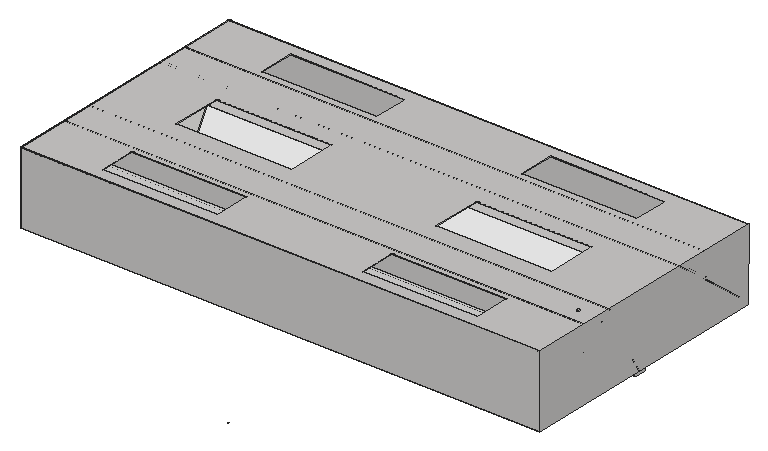
Revit family "QF_ELECTROLUXPROFESSIONAL_640041_STCF1836", category Attrezzature speciali, Revit 2021
Family settings
  Quota connettore circolare = Usa diametro
  Tipo di parte = Normale
  Basato su piano di lavoro = No
  Sempre verticale = Sì
  Taglio con vuoti quando caricato = No
  Condiviso = No
  Punto di calcolo locali = No
Parameters (values of type "Standard")
  Weight = 266.00 kg
  Watts = 640 W
  Volts = 220 V
  URL Manufacturer = "https://www.electroluxprofessional.com/"
  URL = "https://www.electroluxprofessional.com/"
  Steam Supply Size = 0 mm
  Steam Supply Minimum Pressure = 0.0 Pa
  Steam Supply Maximum Pressure = 0.0 Pa
  Steam Consumption per Hour = 0
  Refrigeration Suction Line Size = 0 mm
  Refrigeration Liquid Line Size = 0 mm
  Refrigerant Compressor Remote = yes
  Prospetto di default = 0 mm
  Produttore = "Electrolux Professional"
  Phase = 1
  Modello = "STCF1836"
  Length Actual = 3600 mm  # constant formula
  Item Number = "640041"
  Hot Water Size = 0 mm
  Height Actual = 500 mm  # constant formula
  HP = "0.9 HP"
  Gas Size = 0 mm
  Gas KW = 0
  Gas Input Pressure = 0 W
  Direct Waste Size = 0 mm
  Descrizione = "304 S/S ISLAND HOOD+FILT.+LAMPS 360X180"
  Depth Actual = 1800 mm  # constant formula
  Cycle = 50 Hz
  Condensate Return Size = 0 mm
  Compressed Air Volume = 0.0 L/s
  Compressed Air Size = 0 mm
  Compressed Air Pressure = 0.0 Pa
  Cold Water Size = 0 mm
  Accessory = yes
Reference planes
  plane 1: z = 0
  plane 2 "Center (Left/Right)": x = 150
  plane 3 "LEFT": x = -1650
  plane 4 "RIGHT": x = 1950
  plane 5 "BACK": y = 550
  plane 6 "TOP": z = 2500
  plane 7 "Base": z = 2000
  plane 8: z = 1955
  plane 9: x = -1647
  plane 10 "DrainX": x = 1830
  plane 11 "AOLeft2": x = -350
  plane 12 "AORight1": x = 650
  plane 13: x = 1947
  plane 14: x = -1450
  plane 15: x = 1750
  plane 16 "Center (Front/Back)": y = -350
  plane 17 "Front": y = -1250
  plane 18 "AOLeft1": x = -1150
  plane 19 "AORight2": x = 1450
  plane 20 "EI_y": y = -770
  plane 21 "EIx": x = 1830
  plane 22: y = 464
  plane 23: y = 214
  plane 24: y = -1164
  plane 25: y = -914
  plane 26: y = -175
  plane 27: y = -525
Forms (mm)
  Extrusion 1, solid, material "QF_Finishes_Stainless Steel"
    sketch origin (-1650, 0, 360) x (0, 1, 0) y (0, 0, 1)
      loop
        line (550, 1640) -> (550, 2140) -> (-1250, 2140) -> (-1250, 1640) -> (550, 1640)
    from 0 to 3
  Extrusion 2, solid, material "QF_Finishes_Stainless Steel"
    sketch origin (1950, 0, 360) x (0, 1, 0) y (0, 0, 1)
      loop
        line (550, 1640) -> (550, 2140) -> (-1250, 2140) -> (-1250, 1640) -> (550, 1640)
    from 0 to -3
  Extrusion 3, solid, material "QF_Finishes_Stainless Steel"
    sketch origin (150, 0, 360) x (0, 1, 0) y (0, 0, 1)
      loop
        line (-1250, 2140) -> (-1250, 1640) -> (-1240, 1640) -> (-1240, 1640.8) -> (-1249.2, 1640.8) -> (-1249.2, 2139.19) -> (549.2, 2139.19) -> (549.2, 1640.8) -> (540, 1640.8) -> (540, 1640) -> (550, 1640) -> (550, 2140) -> (-1250, 2140)
    from -1800 to 1800
  Extrusion 4, solid, material "QF_Finishes_Stainless Steel"
    sketch origin (0, -840, 2000) x (0, 1, 0) y (-1, 0, 0)
      loop
        circle (490, -1830) r 4.763
    from -30 to 0
  Extrusion 5, void
    sketch origin (0, 0, 2500) x (0, 1, 0) y (-1, 0, 0)
      loop
        line (-1164, 350) -> (-914, 350) -> (-914, 1150) -> (-1164, 1150) -> (-1164, 350)
    from 0 to -10
  Extrusion 6, solid, material "QF_Finishes_Stainless Steel"
    sketch origin (0, 0, 0) x (1, 0, 0) y (0, 1, 0)
      loop
        line (-1650, 550) -> (-1650, 549) -> (-1649, 549) -> (-1649, 550) -> (-1650, 550)
    from 0 to 1
  Sweep 7, solid, material "QF_Finishes_Stainless Steel"
    path origin (0, 0, 0) x (1, 0, 0) y (0, 1, 0)
      loop
        line (1950, 550) -> (-1650, 550) -> (-1650, -1250) -> (1950, -1250) -> (1950, 550)
    profile origin (1950, -350, 0) x (1, 0, 0) y (0, 0, 1)
      loop
        line (-3, 2000) -> (-3, 2000.8) -> (-19, 2000.8) -> (-19, 2010) -> (-20, 2010) -> (-20, 2000) -> (-3, 2000)
  Extrusion 8, solid, material "QF_Finishes_Stainless Steel"
    sketch origin (150, -826.94, 0) x (0, 1, 0) y (0, 0, 1)
      loop
        line (414.66, 2095.469) -> (440.643, 2110.471) -> (261.744, 2411.771) -> (235.948, 2396.455) -> (414.66, 2095.469)
    from -1797 to -1600
  Extrusion 9, void
    sketch origin (1134.605, 0, 2500) x (0, 1, 0) y (-1, 0, 0)
      loop
        line (-1164, -315.395) -> (-914, -315.395) -> (-914, 484.605) -> (-1164, 484.605) -> (-1164, -315.395)
    from 0 to -10
  Extrusion 10, solid, material "QF_Finishes_Stainless Steel"
    sketch origin (1830, -840, 0) x (0, 1, 0) y (0, 0, 1)
      loop
        line (539, 2000) -> (441, 2000) -> (441, 1989) -> (448.5, 1989) -> (448.5, 1965)
        arc (448.5, 1965) -> (451.429, 1957.929) -> (458.5, 1955) r 10
        line (458.5, 1955) -> (521.5, 1955)
        arc (521.5, 1955) -> (528.571, 1957.929) -> (531.5, 1965) r 10
        line (531.5, 1965) -> (531.5, 1989) -> (539, 1989) -> (539, 2000)
    from 90 to -90
  Extrusion 11, solid, material "QF_Finishes_Stainless Steel"
    sketch origin (150, -826.94, 0) x (0, 1, 0) y (0, 0, 1)
      loop
        line (414.66, 2095.469) -> (440.643, 2110.471) -> (261.744, 2411.771) -> (235.948, 2396.455) -> (414.66, 2095.469)
    from 1600 to 1797
  Extrusion 12, solid, material "QF_Finished_Chrome"
    sketch origin (150, -826.94, 0) x (0, 1, 0) y (0, 0, 1)
      loop
        line (414.66, 2095.469) -> (440.643, 2110.471) -> (261.744, 2411.771) -> (235.948, 2396.455) -> (414.66, 2095.469)
    from -1600 to 1600
  Extrusion 13, void
    sketch origin (0, 1180, 2500) x (0, 1, 0) y (-1, 0, 0)
      loop
        line (-1355, 350) -> (-1355, 1150) -> (-1705, 1150) -> (-1705, 350) -> (-1355, 350)
    from 0 to -10
  Extrusion 14, void
    sketch origin (1600, 1180, 2500) x (0, 1, 0) y (-1, 0, 0)
      loop
        line (-1355, 150) -> (-1355, 950) -> (-1705, 950) -> (-1705, 150) -> (-1355, 150)
    from 0 to -10
  Extrusion 15, solid, material "QF_Finishes_Stainless Steel"
    sketch origin (0, 0, 2500) x (0, 1, 0) y (-1, 0, 0)
      loop
        circle (-770, -1830) r 10
    from 0 to 1.6
  Extrusion 16, solid, material "QF_Finishes_Stainless Steel"
    sketch origin (150, -826.94, 360) x (0, 1, 0) y (0, 0, 1)
      loop
        line (430.005, 1640) -> (476.94, 1640) -> (476.94, 1640.8) -> (430.467, 1640.8) -> (371.906, 1742.23) -> (414.858, 1734.657) -> (442.266, 1750.481) -> (442.266, 1765.943) -> (441.466, 1765.943) -> (441.466, 1750.943) -> (414.709, 1735.495) -> (321.153, 1751.991) -> (320.875, 1750.416) -> (371.4, 1741.507) -> (430.005, 1640)
      loop
        line (172.529, 2139.19) -> (242.893, 2017.316) -> (245.133, 2018.715) -> (240.13, 2027.381) -> (238.569, 2026.405) -> (173.453, 2139.19) -> (172.529, 2139.19)
    from -1797 to 1797
  Extrusion 17, solid, material "QF_LAMPS"
    sketch origin (150, 0, 360) x (0, 1, 0) y (0, 0, 1)
      loop
        line (-872.823, 1962.324) -> (-718.948, 2086.929) -> (-727.129, 2097.032) -> (-881.003, 1972.426) -> (-872.823, 1962.324)
    from 1797 to -1797
  Extrusion 18, solid, material "QF_Finishes_Stainless Steel"
    sketch origin (150, 0, 360) x (0, 1, 0) y (0, 0, 1)
      loop
        line (-1250, 2139.19) -> (-1250, 1640) -> (-1186.602, 1640) -> (-1099.146, 1690.493) -> (-1110.058, 1709.394) -> (-1166.564, 1676.77) -> (-1214.704, 1680.982) -> (-1249.2, 1730.248) -> (-1249.2, 2139.19) -> (-1250, 2139.19)
      loop
        line (-873.6, 1961.694) -> (-881.937, 1971.99) -> (-869.095, 1982.182) -> (-869.095, 2139.19) -> (-869.895, 2139.19) -> (-869.895, 1982.569) -> (-1182.298, 1734.63) -> (-1171.091, 1720.79) -> (-873.6, 1961.694)
      loop
        line (-727.61, 2099.216) -> (-718.171, 2087.559) -> (-654.411, 2139.19) -> (-655.682, 2139.19) -> (-718.052, 2088.684) -> (-726.989, 2099.719) -> (-727.61, 2099.216)
    from -1797 to 1797
  Extrusion 19, solid, material "QF_Finishes_Stainless Steel"
    sketch origin (150, 126.94, 360) x (0, -1, 0) y (0, 0, -1)
      loop
        line (430.005, -1640) -> (371.4, -1741.507) -> (320.875, -1750.416) -> (321.153, -1751.991) -> (414.709, -1735.495) -> (441.466, -1750.943) -> (441.466, -1765.943) -> (442.266, -1765.943) -> (442.266, -1750.481) -> (414.858, -1734.657) -> (371.906, -1742.23) -> (430.467, -1640.8) -> (476.94, -1640.8) -> (476.94, -1640) -> (430.005, -1640)
      loop
        line (172.529, -2139.19) -> (173.453, -2139.19) -> (238.569, -2026.405) -> (240.13, -2027.381) -> (245.133, -2018.715) -> (242.893, -2017.316) -> (172.529, -2139.19)
    from -1797 to 1797
  Extrusion 20, solid, material "QF_LAMPS"
    sketch origin (150, -700, 360) x (0, -1, 0) y (0, 0, -1)
      loop
        line (-872.823, -1962.324) -> (-881.003, -1972.426) -> (-727.129, -2097.032) -> (-718.948, -2086.929) -> (-872.823, -1962.324)
    from 1797 to -1797
  Extrusion 21, solid, material "QF_Finishes_Stainless Steel"
    sketch origin (150, -700, 360) x (0, -1, 0) y (0, 0, -1)
      loop
        line (-1250, -2139.19) -> (-1249.2, -2139.19) -> (-1249.2, -1730.248) -> (-1214.704, -1680.982) -> (-1166.564, -1676.77) -> (-1110.058, -1709.394) -> (-1099.146, -1690.493) -> (-1186.602, -1640) -> (-1250, -1640) -> (-1250, -2139.19)
      loop
        line (-873.6, -1961.694) -> (-1171.091, -1720.79) -> (-1182.298, -1734.63) -> (-869.895, -1982.569) -> (-869.895, -2139.19) -> (-869.095, -2139.19) -> (-869.095, -1982.182) -> (-881.937, -1971.99) -> (-873.6, -1961.694)
      loop
        line (-727.61, -2099.216) -> (-726.989, -2099.719) -> (-718.052, -2088.684) -> (-655.682, -2139.19) -> (-654.411, -2139.19) -> (-718.171, -2087.559) -> (-727.61, -2099.216)
    from -1797 to 1797
  Extrusion 22, solid, material "QF_Finishes_Stainless Steel"
    sketch origin (150, 126.94, 0) x (0, -1, 0) y (0, 0, -1)
      loop
        line (414.66, -2095.469) -> (235.948, -2396.455) -> (261.744, -2411.771) -> (440.643, -2110.471) -> (414.66, -2095.469)
    from -1797 to -1400
  Extrusion 23, solid, material "QF_Finishes_Stainless Steel"
    sketch origin (150, 126.94, 0) x (0, -1, 0) y (0, 0, -1)
      loop
        line (414.66, -2095.469) -> (235.948, -2396.455) -> (261.744, -2411.771) -> (440.643, -2110.471) -> (414.66, -2095.469)
    from 1400 to 1797
  Extrusion 24, solid, material "QF_Finished_Chrome"
    sketch origin (150, 126.94, 0) x (0, -1, 0) y (0, 0, -1)
      loop
        line (414.66, -2095.469) -> (235.948, -2396.455) -> (261.744, -2411.771) -> (440.643, -2110.471) -> (414.66, -2095.469)
    from -1600 to 1600
  Extrusion 25, void
    sketch origin (0, 814, 2500) x (0, 1, 0) y (-1, 0, 0)
      loop
        line (-600, 350) -> (-350, 350) -> (-350, 1150) -> (-600, 1150) -> (-600, 350)
    from 0 to -10
  Extrusion 26, void
    sketch origin (1134.605, 814, 2500) x (0, 1, 0) y (-1, 0, 0)
      loop
        line (-600, -315.395) -> (-350, -315.395) -> (-350, 484.605) -> (-600, 484.605) -> (-600, -315.395)
    from 0 to -10
  Extrusion 27, solid, material "QF_Finishes_Stainless Steel"
    sketch origin (150, 126.94, 0) x (0, -1, 0) y (0, 0, -1)
      loop
        line (414.66, -2095.469) -> (235.948, -2396.455) -> (261.744, -2411.771) -> (440.643, -2110.471) -> (414.66, -2095.469)
    from -1797 to -1600
  Extrusion 28, solid, material "QF_Finishes_Stainless Steel"
    sketch origin (150, 126.94, 0) x (0, -1, 0) y (0, 0, -1)
      loop
        line (414.66, -2095.469) -> (235.948, -2396.455) -> (261.744, -2411.771) -> (440.643, -2110.471) -> (414.66, -2095.469)
    from 1797 to 1600
Cuts and joins
  Extrusion 5, Extrusion 9, Extrusion 13, Extrusion 14, Extrusion 25, Extrusion 26 cuts Extrusion 3
  joined: Extrusion 2, Extrusion 3, Sweep 7
Lines and regions (mm)
  symbolic lines, style "SpecialityEquipment", detail levels coarse
    curve 1: line (1950, 550, 2500) -> (-1650, 550, 2500)
    curve 2: line (-1650, 550, 2500) -> (-1650, -1250, 2500)
    curve 3: line (1950, -1250, 2500) -> (1950, 550, 2500)
    curve 4: line (-1650, 550, 0) -> (1950, -1250, 0)
    curve 5: line (1950, 550, 0) -> (-1650, -1250, 0)
    curve 6: line (-1650, -1250, 0) -> (1950, -1250, 0)
  symbolic lines, detail levels coarse
    curve 7: line (-1150, 464, 2500) -> (-350, 464, 2500)
    curve 8: line (-1150, 214, 2500) -> (-1150, 464, 2500)
    curve 9: line (-350, 214, 2500) -> (-1150, 214, 2500)
    curve 10: line (-350, 464, 2500) -> (-350, 214, 2500)
    curve 11: line (650, 464, 2500) -> (1450, 464, 2500)
    curve 12: line (650, 214, 2500) -> (650, 464, 2500)
    curve 13: line (1450, 214, 2500) -> (650, 214, 2500)
    curve 14: line (1450, 464, 2500) -> (1450, 214, 2500)
    curve 15: line (650, -175, 2500) -> (1450, -175, 2500)
    curve 16: line (650, -525, 2500) -> (650, -175, 2500)
    curve 17: line (1450, -525, 2500) -> (650, -525, 2500)
    curve 18: line (1450, -175, 2500) -> (1450, -525, 2500)
    curve 19: line (650, -914, 2500) -> (1450, -914, 2500)
    curve 20: line (650, -1164, 2500) -> (650, -914, 2500)
    curve 21: line (1450, -1164, 2500) -> (650, -1164, 2500)
    curve 22: line (1450, -914, 2500) -> (1450, -1164, 2500)
    curve 23: line (-1150, -914, 2500) -> (-350, -914, 2500)
    curve 24: line (-1150, -1164, 2500) -> (-1150, -914, 2500)
    curve 25: line (-350, -1164, 2500) -> (-1150, -1164, 2500)
    curve 26: line (-350, -914, 2500) -> (-350, -1164, 2500)
    curve 27: line (-1150, -175, 2500) -> (-350, -175, 2500)
    curve 28: line (-1150, -525, 2500) -> (-1150, -175, 2500)
    curve 29: line (-350, -525, 2500) -> (-1150, -525, 2500)
    curve 30: line (-350, -175, 2500) -> (-350, -525, 2500)
Dimensions and locks
  plane 3 "LEFT" to plane 4 "RIGHT" = 3600 mm
  equal spacing: plane 3 "LEFT", plane 2 "Center (Left/Right)", plane 4 "RIGHT"
  plane 7 "Base" to plane 8 = 45 mm
  plane 3 "LEFT" to plane 9 = 3 mm
  plane 10 "DrainX" to plane 4 "RIGHT" = 120 mm
  plane 13 to plane 4 "RIGHT" = 3 mm
  plane 3 "LEFT" to plane 14 = 200 mm
  plane 15 to plane 4 "RIGHT" = 200 mm
  locked: plane 11 "AOLeft2" to plane 12 "AORight1" at 1000
  equal spacing: plane 11 "AOLeft2", plane 2 "Center (Left/Right)", plane 12 "AORight1"
  locked: plane 7 "Base" to level at 2000
  locked: plane 6 "TOP" to plane 7 "Base" at 500
  equal spacing: plane 5 "BACK", plane 16 "Center (Front/Back)", plane 17 "Front"
  locked: plane 18 "AOLeft1" to plane 11 "AOLeft2" at 800
  locked: plane 12 "AORight1" to plane 19 "AORight2" at 800
  locked: plane 20 "EI_y" to plane 17 "Front" at 480
  locked: plane 21 "EIx" to plane 4 "RIGHT" at 120
  locked: plane 5 "BACK" to plane 22 at 86
  plane 22 to plane 23 = 250 mm
  locked: plane 24 to plane 17 "Front" at 86
  locked: plane 24 to plane 25 at 250
  plane 26 to plane 16 "Center (Front/Back)" = 175 mm
  plane 16 "Center (Front/Back)" to plane 27 = 175 mm
  locked: plane 5 "BACK" to plane 17 "Front" at 1800
  plane 5 "BACK" to plane 17 "Front" = 1800 mm
  plane 26 to plane 27 = 350 mm
  aligned and locked: level to plane 1
  aligned and locked: plane 4 "RIGHT" to Extrusion 3
  aligned and locked: Extrusion 3 to plane 3 "LEFT"
  aligned and locked: Extrusion 2 to plane 13
  aligned and locked: Extrusion 8 to plane 9
  aligned and locked: plane 18 "AOLeft1" to Extrusion 5
  aligned and locked: Extrusion 5 to plane 11 "AOLeft2"
  aligned and locked: Extrusion 9 to plane 19 "AORight2"
  aligned and locked: plane 12 "AORight1" to Extrusion 9
  aligned and locked: plane 14 to Extrusion 8
  aligned and locked: plane 15 to Extrusion 11
  aligned and locked: plane 13 to Extrusion 11
  aligned and locked: Extrusion 12 to plane 14
  aligned and locked: Extrusion 12 to plane 15
  aligned and locked: plane 12 "AORight1" to Extrusion 14
  aligned and locked: plane 19 "AORight2" to Extrusion 14
  aligned and locked: Extrusion 13 to plane 18 "AOLeft1"
  aligned and locked: Extrusion 13 to plane 11 "AOLeft2"
  aligned and locked: Extrusion 16 to plane 9
  aligned and locked: plane 13 to Extrusion 16
  aligned and locked: Extrusion 24 to plane 14
  aligned and locked: Extrusion 24 to plane 15
  aligned and locked: plane 24 to Extrusion 5
  aligned and locked: Extrusion 5 to plane 25
  aligned and locked: Extrusion 9 to plane 25
  aligned and locked: plane 24 to Extrusion 9
  aligned and locked: Extrusion 25 to plane 18 "AOLeft1"
  aligned and locked: Extrusion 25 to plane 11 "AOLeft2"
  aligned and locked: plane 12 "AORight1" to Extrusion 26
  aligned and locked: plane 19 "AORight2" to Extrusion 26
  aligned and locked: plane 26 to Extrusion 13
  aligned and locked: Extrusion 13 to plane 27
  aligned and locked: plane 26 to Extrusion 14
  aligned and locked: Extrusion 14 to plane 27
  aligned and locked: plane 22 to Extrusion 25
  aligned and locked: Extrusion 25 to plane 23
  aligned and locked: plane 22 to Extrusion 26
  aligned and locked: Extrusion 26 to plane 23
  aligned and locked: Extrusion 21 to plane 9
  aligned and locked: Extrusion 20 to plane 9
  aligned and locked: Extrusion 19 to plane 9
  aligned and locked: plane 9 to Extrusion 22
  aligned and locked: Extrusion 18 to plane 9
  aligned and locked: Extrusion 17 to plane 9
  aligned and locked: plane 13 to Extrusion 21
  aligned and locked: plane 13 to Extrusion 20
  aligned and locked: plane 13 to Extrusion 19
  aligned and locked: Extrusion 23 to plane 13
  aligned and locked: plane 13 to Extrusion 17
  aligned and locked: Extrusion 18 to plane 13
  aligned and locked: plane 14 to Extrusion 27
  aligned and locked: Extrusion 27 to plane 9
  aligned and locked: Extrusion 28 to plane 13
  aligned and locked: plane 15 to Extrusion 28
Automatic sketch dimensions
  curve 6 to plane 3 "LEFT" = 0 mm
  curve 4 to plane 3 "LEFT" = 0 mm
  curve 5 to plane 4 "RIGHT" = 0 mm
  curve 6 to plane 4 "RIGHT" = 0 mm
  curve 4 to plane 17 "Front" = 0 mm
  curve 5 to plane 5 "BACK" = 0 mm
  curve 4 to plane 5 "BACK" = 0 mm
  Extrusion 1 sketch curve to plane 7 "Base" = 0 mm
  Extrusion 1 sketch curve to plane 17 "Front" = 0 mm
  Extrusion 1 sketch curve to plane 5 "BACK" = 0 mm
  Extrusion 1 sketch curve to plane 6 "TOP" = 0 mm
  Extrusion 2 sketch curve to plane 7 "Base" = 0 mm
  Extrusion 2 sketch curve to plane 17 "Front" = 0 mm
  Extrusion 2 sketch curve to plane 5 "BACK" = 0 mm
  Extrusion 2 sketch curve to plane 6 "TOP" = 0 mm
  Extrusion 3 sketch curve to plane 6 "TOP" = 0 mm
  Extrusion 3 sketch curve to plane 17 "Front" = 0 mm
  Extrusion 3 sketch curve to plane 7 "Base" = 0 mm  (x2)
  Extrusion 3 sketch curve to plane 5 "BACK" = 0 mm
  plane 17 "Front" to Extrusion 3 sketch curve = 0.8 mm
  Extrusion 3 sketch curve to Extrusion 3 sketch curve = 9.2 mm
  plane 7 "Base" to Extrusion 3 sketch curve = 0.8 mm  (x2)
  Extrusion 3 sketch curve to plane 5 "BACK" = 10 mm
  Extrusion 3 sketch curve to plane 5 "BACK" = 0.8 mm
  Extrusion 3 sketch curve to plane 6 "TOP" = 0.81 mm
  Extrusion 4 sketch curve to plane 10 "DrainX" = 0 mm
  Extrusion 4 sketch curve to plane 16 "Center (Front/Back)" = 0 mm
  Extrusion 5 sketch curve to plane 18 "AOLeft1" = 0 mm
  plane 24 to Extrusion 5 sketch curve = 0 mm
  Extrusion 5 sketch curve to plane 11 "AOLeft2" = 0 mm
  plane 25 to Extrusion 5 sketch curve = 0 mm
  Extrusion 6 sketch curve to plane 3 "LEFT" = 0 mm
  Extrusion 6 sketch curve to plane 5 "BACK" = 0 mm
  plane 3 "LEFT" to Extrusion 6 sketch curve = 1 mm
  Extrusion 6 sketch curve to Extrusion 6 sketch curve = 1 mm
  Sweep 7 sketch curve to plane 3 "LEFT" = 0 mm
  Sweep 7 sketch curve to plane 4 "RIGHT" = 0 mm
  Sweep 7 sketch curve to plane 17 "Front" = 0 mm
  Sweep 7 sketch curve to plane 5 "BACK" = 0 mm
  profile plane to Sweep 7 sketch curve = 20 mm
  Sweep 7 sketch curve to Sweep 7 sketch curve = 1 mm
  profile plane to Sweep 7 sketch curve = 3 mm
  level to Sweep 7 sketch curve = 2000 mm
  Sweep 7 sketch curve to Sweep 7 sketch curve = 0.8 mm
  Sweep 7 sketch curve to Sweep 7 sketch curve = 9.2 mm
  Extrusion 8 sketch curve to plane 27 = 65.992 mm
  Extrusion 8 sketch curve to Extrusion 8 sketch curve = 25.795 mm
  Extrusion 8 sketch curve to plane 16 "Center (Front/Back)" = 62.28 mm
  Extrusion 8 sketch curve to Extrusion 8 sketch curve = 25.983 mm
  plane 7 "Base" to Extrusion 8 sketch curve = 95.469 mm
  Extrusion 8 sketch curve to Extrusion 8 sketch curve = 15.001 mm
  Extrusion 8 sketch curve to plane 6 "TOP" = 103.545 mm
  Extrusion 8 sketch curve to Extrusion 8 sketch curve = 15.316 mm
  Extrusion 9 sketch curve to plane 12 "AORight1" = 0 mm
  plane 24 to Extrusion 9 sketch curve = 0 mm
  Extrusion 9 sketch curve to plane 19 "AORight2" = 0 mm
  plane 25 to Extrusion 9 sketch curve = 0 mm
  Extrusion 10 sketch curve to plane 8 = 0 mm
  Extrusion 10 sketch curve to plane 7 "Base" = 11 mm  (x2)
  Extrusion 10 sketch curve to plane 16 "Center (Front/Back)" = 49 mm
  Extrusion 10 sketch curve to Extrusion 10 sketch curve = 7.5 mm  (x2)
  Extrusion 10 sketch curve to Extrusion 10 sketch curve = 10 mm  (x2)
  plane 16 "Center (Front/Back)" to Extrusion 10 sketch curve = 31.5 mm
  plane 7 "Base" to Extrusion 10 sketch curve = 0 mm
  Extrusion 11 sketch curve to plane 27 = 65.992 mm
  Extrusion 11 sketch curve to Extrusion 11 sketch curve = 25.795 mm
  Extrusion 11 sketch curve to plane 16 "Center (Front/Back)" = 62.28 mm
  Extrusion 11 sketch curve to Extrusion 11 sketch curve = 25.983 mm
  plane 7 "Base" to Extrusion 11 sketch curve = 95.469 mm
  Extrusion 11 sketch curve to Extrusion 11 sketch curve = 15.001 mm
  Extrusion 11 sketch curve to plane 6 "TOP" = 103.545 mm
  Extrusion 11 sketch curve to Extrusion 11 sketch curve = 15.316 mm
  Extrusion 12 sketch curve to plane 27 = 65.992 mm
  Extrusion 12 sketch curve to Extrusion 12 sketch curve = 25.795 mm
  Extrusion 12 sketch curve to plane 16 "Center (Front/Back)" = 62.28 mm
  Extrusion 12 sketch curve to Extrusion 12 sketch curve = 25.983 mm
  plane 7 "Base" to Extrusion 12 sketch curve = 95.469 mm
  Extrusion 12 sketch curve to Extrusion 12 sketch curve = 15.001 mm
  Extrusion 12 sketch curve to plane 6 "TOP" = 103.545 mm
  Extrusion 12 sketch curve to Extrusion 12 sketch curve = 15.316 mm
  Extrusion 13 sketch curve to plane 11 "AOLeft2" = 0 mm
  Extrusion 13 sketch curve to plane 27 = 0 mm
  Extrusion 13 sketch curve to plane 26 = 0 mm
  Extrusion 13 sketch curve to plane 18 "AOLeft1" = 0 mm
  Extrusion 14 sketch curve to plane 19 "AORight2" = 0 mm
  Extrusion 14 sketch curve to plane 27 = 0 mm
  Extrusion 14 sketch curve to plane 26 = 0 mm
  Extrusion 14 sketch curve to plane 12 "AORight1" = 0 mm
  Extrusion 15 sketch curve to plane 20 "EI_y" = 0 mm
  Extrusion 15 sketch curve to plane 21 "EIx" = 0 mm
  Extrusion 16 sketch curve to plane 7 "Base" = 0 mm
  Extrusion 16 sketch curve to plane 6 "TOP" = 0.81 mm
  plane 20 "EI_y" to Extrusion 16 sketch curve = 115.589 mm
  Extrusion 16 sketch curve to Extrusion 16 sketch curve = 0.924 mm
  Extrusion 16 sketch curve to plane 27 = 63.371 mm
  Extrusion 16 sketch curve to Extrusion 16 sketch curve = 1.561 mm
  Extrusion 16 sketch curve to Extrusion 16 sketch curve = 4.324 mm
  Extrusion 16 sketch curve to Extrusion 16 sketch curve = 2.24 mm
  plane 27 to Extrusion 16 sketch curve = 18.935 mm
  Extrusion 16 sketch curve to Extrusion 16 sketch curve = 0.278 mm
  Extrusion 16 sketch curve to Extrusion 16 sketch curve = 50.525 mm
  Extrusion 16 sketch curve to Extrusion 16 sketch curve = 0.506 mm
  Extrusion 16 sketch curve to Extrusion 16 sketch curve = 42.803 mm
  Extrusion 16 sketch curve to Extrusion 16 sketch curve = 0.148 mm
  Extrusion 16 sketch curve to plane 16 "Center (Front/Back)" = 46.935 mm
  plane 7 "Base" to Extrusion 16 sketch curve = 0.8 mm
  Extrusion 16 sketch curve to Extrusion 16 sketch curve = 0.462 mm  (x2)
  Extrusion 16 sketch curve to Extrusion 16 sketch curve = 46.473 mm
  Extrusion 16 sketch curve to plane 16 "Center (Front/Back)" = 35.474 mm
  Extrusion 16 sketch curve to Extrusion 16 sketch curve = 0.8 mm
  plane 7 "Base" to Extrusion 16 sketch curve = 94.657 mm
  Extrusion 16 sketch curve to Extrusion 16 sketch curve = 0.838 mm
  Extrusion 16 sketch curve to Extrusion 16 sketch curve = 6.012 mm
  Extrusion 16 sketch curve to Extrusion 16 sketch curve = 0.723 mm
  Extrusion 16 sketch curve to Extrusion 16 sketch curve = 14.986 mm
  Extrusion 16 sketch curve to Extrusion 16 sketch curve = 15 mm
  Extrusion 16 sketch curve to plane 6 "TOP" = 122.684 mm
  Extrusion 16 sketch curve to Extrusion 16 sketch curve = 1.399 mm
  Extrusion 16 sketch curve to Extrusion 16 sketch curve = 9.089 mm
  Extrusion 16 sketch curve to Extrusion 16 sketch curve = 0.975 mm
  Extrusion 17 sketch curve to plane 25 = 32.997 mm
  Extrusion 17 sketch curve to Extrusion 17 sketch curve = 8.181 mm  (x2)
  plane 20 "EI_y" to Extrusion 17 sketch curve = 42.871 mm
  Extrusion 17 sketch curve to plane 6 "TOP" = 177.676 mm
  Extrusion 17 sketch curve to Extrusion 17 sketch curve = 10.102 mm
  Extrusion 17 sketch curve to plane 6 "TOP" = 53.071 mm
  Extrusion 17 sketch curve to Extrusion 17 sketch curve = 10.103 mm
  Extrusion 18 sketch curve to plane 7 "Base" = 0 mm
  Extrusion 18 sketch curve to plane 17 "Front" = 0 mm
  Extrusion 18 sketch curve to Extrusion 18 sketch curve = 0.8 mm  (x2)
  plane 17 "Front" to Extrusion 18 sketch curve = 35.296 mm
  plane 24 to Extrusion 18 sketch curve = 22.602 mm
  plane 24 to Extrusion 18 sketch curve = 18.298 mm
  plane 24 to Extrusion 18 sketch curve = 7.091 mm
  plane 24 to Extrusion 18 sketch curve = 2.564 mm
  Extrusion 18 sketch curve to plane 24 = 53.942 mm
  Extrusion 18 sketch curve to Extrusion 18 sketch curve = 10.912 mm
  Extrusion 18 sketch curve to plane 25 = 32.063 mm
  Extrusion 18 sketch curve to Extrusion 18 sketch curve = 8.337 mm
  Extrusion 18 sketch curve to Extrusion 18 sketch curve = 12.042 mm
  plane 20 "EI_y" to Extrusion 18 sketch curve = 42.39 mm
  Extrusion 18 sketch curve to Extrusion 18 sketch curve = 0.622 mm
  Extrusion 18 sketch curve to Extrusion 18 sketch curve = 9.44 mm
  Extrusion 18 sketch curve to Extrusion 18 sketch curve = 0.118 mm
  Extrusion 18 sketch curve to plane 6 "TOP" = 0.81 mm  (x3)
  Extrusion 18 sketch curve to Extrusion 18 sketch curve = 62.37 mm
  Extrusion 18 sketch curve to Extrusion 18 sketch curve = 1.271 mm
  plane 7 "Base" to Extrusion 18 sketch curve = 36.77 mm
  plane 7 "Base" to Extrusion 18 sketch curve = 40.982 mm
  plane 7 "Base" to Extrusion 18 sketch curve = 50.493 mm
  Extrusion 18 sketch curve to Extrusion 18 sketch curve = 18.901 mm
  Extrusion 18 sketch curve to Extrusion 18 sketch curve = 44.02 mm
  Extrusion 18 sketch curve to Extrusion 18 sketch curve = 49.266 mm
  Extrusion 18 sketch curve to Extrusion 18 sketch curve = 13.84 mm
  Extrusion 18 sketch curve to plane 6 "TOP" = 178.306 mm
  Extrusion 18 sketch curve to Extrusion 18 sketch curve = 10.296 mm
  Extrusion 18 sketch curve to Extrusion 18 sketch curve = 10.192 mm
  Extrusion 18 sketch curve to Extrusion 18 sketch curve = 0.386 mm
  Extrusion 18 sketch curve to plane 6 "TOP" = 52.441 mm
  Extrusion 18 sketch curve to Extrusion 18 sketch curve = 1.125 mm
  Extrusion 19 sketch curve to plane 7 "Base" = 0 mm
  plane 6 "TOP" to Extrusion 19 sketch curve = 0.81 mm
  Extrusion 19 sketch curve to plane 26 = 129.411 mm
  Extrusion 19 sketch curve to Extrusion 19 sketch curve = 0.924 mm
  Extrusion 19 sketch curve to plane 26 = 63.371 mm
  Extrusion 19 sketch curve to Extrusion 19 sketch curve = 1.561 mm
  Extrusion 19 sketch curve to Extrusion 19 sketch curve = 4.324 mm
  Extrusion 19 sketch curve to Extrusion 19 sketch curve = 2.24 mm
  plane 26 to Extrusion 19 sketch curve = 18.935 mm
  Extrusion 19 sketch curve to Extrusion 19 sketch curve = 0.278 mm
  Extrusion 19 sketch curve to Extrusion 19 sketch curve = 50.525 mm
  Extrusion 19 sketch curve to Extrusion 19 sketch curve = 0.506 mm
  Extrusion 19 sketch curve to Extrusion 19 sketch curve = 42.803 mm
  Extrusion 19 sketch curve to Extrusion 19 sketch curve = 0.148 mm
  Extrusion 19 sketch curve to plane 16 "Center (Front/Back)" = 46.935 mm
  Extrusion 19 sketch curve to plane 7 "Base" = 0.8 mm
  Extrusion 19 sketch curve to Extrusion 19 sketch curve = 0.462 mm  (x2)
  Extrusion 19 sketch curve to Extrusion 19 sketch curve = 46.473 mm
  Extrusion 19 sketch curve to plane 16 "Center (Front/Back)" = 35.474 mm
  Extrusion 19 sketch curve to Extrusion 19 sketch curve = 0.8 mm
  Extrusion 19 sketch curve to plane 7 "Base" = 94.657 mm
  Extrusion 19 sketch curve to Extrusion 19 sketch curve = 0.838 mm
  Extrusion 19 sketch curve to Extrusion 19 sketch curve = 6.012 mm
  Extrusion 19 sketch curve to Extrusion 19 sketch curve = 0.723 mm
  Extrusion 19 sketch curve to Extrusion 19 sketch curve = 14.986 mm
  Extrusion 19 sketch curve to Extrusion 19 sketch curve = 15 mm
  plane 6 "TOP" to Extrusion 19 sketch curve = 122.684 mm
  Extrusion 19 sketch curve to Extrusion 19 sketch curve = 1.399 mm
  Extrusion 19 sketch curve to Extrusion 19 sketch curve = 9.089 mm
  Extrusion 19 sketch curve to Extrusion 19 sketch curve = 0.975 mm
  plane 23 to Extrusion 20 sketch curve = 32.997 mm
  Extrusion 20 sketch curve to Extrusion 20 sketch curve = 8.181 mm  (x2)
  plane 6 "TOP" to Extrusion 20 sketch curve = 42.968 mm
  plane 23 to Extrusion 20 sketch curve = 186.871 mm
  plane 6 "TOP" to Extrusion 20 sketch curve = 53.071 mm
  plane 6 "TOP" to Extrusion 20 sketch curve = 167.574 mm
  Extrusion 20 sketch curve to Extrusion 20 sketch curve = 10.102 mm
  Extrusion 21 sketch curve to plane 5 "BACK" = 0 mm
  Extrusion 21 sketch curve to plane 7 "Base" = 0 mm
  Extrusion 21 sketch curve to Extrusion 21 sketch curve = 0.8 mm  (x2)
  plane 5 "BACK" to Extrusion 21 sketch curve = 35.296 mm
  Extrusion 21 sketch curve to plane 22 = 22.602 mm
  Extrusion 21 sketch curve to plane 22 = 18.298 mm
  Extrusion 21 sketch curve to plane 22 = 7.091 mm
  Extrusion 21 sketch curve to plane 22 = 2.564 mm
  plane 22 to Extrusion 21 sketch curve = 53.942 mm
  Extrusion 21 sketch curve to Extrusion 21 sketch curve = 10.912 mm
  plane 23 to Extrusion 21 sketch curve = 32.063 mm
  Extrusion 21 sketch curve to Extrusion 21 sketch curve = 8.337 mm
  Extrusion 21 sketch curve to Extrusion 21 sketch curve = 12.042 mm
  plane 6 "TOP" to Extrusion 21 sketch curve = 40.784 mm
  Extrusion 21 sketch curve to Extrusion 21 sketch curve = 141.485 mm
  plane 6 "TOP" to Extrusion 21 sketch curve = 40.281 mm
  Extrusion 21 sketch curve to Extrusion 21 sketch curve = 0.622 mm
  plane 6 "TOP" to Extrusion 21 sketch curve = 52.441 mm
  plane 6 "TOP" to Extrusion 21 sketch curve = 51.316 mm
  plane 6 "TOP" to Extrusion 21 sketch curve = 0.81 mm  (x3)
  Extrusion 21 sketch curve to Extrusion 21 sketch curve = 62.37 mm
  Extrusion 21 sketch curve to Extrusion 21 sketch curve = 1.271 mm
  Extrusion 21 sketch curve to plane 7 "Base" = 36.77 mm
  Extrusion 21 sketch curve to plane 7 "Base" = 40.982 mm
  Extrusion 21 sketch curve to plane 7 "Base" = 50.493 mm
  Extrusion 21 sketch curve to Extrusion 21 sketch curve = 18.901 mm
  Extrusion 21 sketch curve to Extrusion 21 sketch curve = 44.02 mm
  Extrusion 21 sketch curve to Extrusion 21 sketch curve = 49.266 mm
  Extrusion 21 sketch curve to Extrusion 21 sketch curve = 13.84 mm
  plane 6 "TOP" to Extrusion 21 sketch curve = 178.306 mm
  Extrusion 21 sketch curve to Extrusion 21 sketch curve = 10.296 mm
  Extrusion 21 sketch curve to Extrusion 21 sketch curve = 10.192 mm
  Extrusion 21 sketch curve to Extrusion 21 sketch curve = 0.386 mm
  Extrusion 22 sketch curve to plane 26 = 65.992 mm
  Extrusion 22 sketch curve to Extrusion 22 sketch curve = 25.795 mm
  Extrusion 22 sketch curve to plane 16 "Center (Front/Back)" = 62.28 mm
  Extrusion 22 sketch curve to Extrusion 22 sketch curve = 25.983 mm
  Extrusion 22 sketch curve to plane 7 "Base" = 95.469 mm
  Extrusion 22 sketch curve to Extrusion 22 sketch curve = 15.001 mm
  plane 6 "TOP" to Extrusion 22 sketch curve = 103.545 mm
  Extrusion 22 sketch curve to Extrusion 22 sketch curve = 15.316 mm
  Extrusion 23 sketch curve to plane 26 = 65.992 mm
  Extrusion 23 sketch curve to Extrusion 23 sketch curve = 25.795 mm
  Extrusion 23 sketch curve to plane 16 "Center (Front/Back)" = 62.28 mm
  Extrusion 23 sketch curve to Extrusion 23 sketch curve = 25.983 mm
  Extrusion 23 sketch curve to plane 7 "Base" = 95.469 mm
  Extrusion 23 sketch curve to Extrusion 23 sketch curve = 15.001 mm
  plane 6 "TOP" to Extrusion 23 sketch curve = 103.545 mm
  Extrusion 23 sketch curve to Extrusion 23 sketch curve = 15.316 mm
  Extrusion 24 sketch curve to plane 26 = 65.992 mm
  Extrusion 24 sketch curve to Extrusion 24 sketch curve = 25.795 mm
  Extrusion 24 sketch curve to plane 16 "Center (Front/Back)" = 62.28 mm
  Extrusion 24 sketch curve to Extrusion 24 sketch curve = 25.983 mm
  Extrusion 24 sketch curve to plane 7 "Base" = 95.469 mm
  Extrusion 24 sketch curve to Extrusion 24 sketch curve = 15.001 mm
  plane 6 "TOP" to Extrusion 24 sketch curve = 103.545 mm
  Extrusion 24 sketch curve to Extrusion 24 sketch curve = 15.316 mm
  Extrusion 25 sketch curve to plane 18 "AOLeft1" = 0 mm
  Extrusion 25 sketch curve to plane 23 = 0 mm
  Extrusion 25 sketch curve to plane 11 "AOLeft2" = 0 mm
  Extrusion 25 sketch curve to plane 22 = 0 mm
  Extrusion 26 sketch curve to plane 12 "AORight1" = 0 mm
  Extrusion 26 sketch curve to plane 23 = 0 mm
  Extrusion 26 sketch curve to plane 19 "AORight2" = 0 mm
  Extrusion 26 sketch curve to plane 22 = 0 mm
  Extrusion 27 sketch curve to plane 26 = 65.992 mm
  Extrusion 27 sketch curve to Extrusion 27 sketch curve = 25.795 mm
  Extrusion 27 sketch curve to plane 16 "Center (Front/Back)" = 62.28 mm
  Extrusion 27 sketch curve to Extrusion 27 sketch curve = 25.983 mm
  Extrusion 27 sketch curve to plane 7 "Base" = 95.469 mm
  Extrusion 27 sketch curve to Extrusion 27 sketch curve = 15.001 mm
  plane 6 "TOP" to Extrusion 27 sketch curve = 103.545 mm
  Extrusion 27 sketch curve to Extrusion 27 sketch curve = 15.316 mm
  Extrusion 28 sketch curve to plane 26 = 65.992 mm
  Extrusion 28 sketch curve to Extrusion 28 sketch curve = 25.795 mm
  Extrusion 28 sketch curve to plane 16 "Center (Front/Back)" = 62.28 mm
  Extrusion 28 sketch curve to Extrusion 28 sketch curve = 25.983 mm
  Extrusion 28 sketch curve to plane 7 "Base" = 95.469 mm
  Extrusion 28 sketch curve to Extrusion 28 sketch curve = 15.001 mm
  plane 6 "TOP" to Extrusion 28 sketch curve = 103.545 mm
  Extrusion 28 sketch curve to Extrusion 28 sketch curve = 15.316 mm
  curve 2 to plane 3 "LEFT" = 0 mm
  curve 2 to plane 17 "Front" = 0 mm
  curve 3 to plane 4 "RIGHT" = 0 mm
  curve 3 to plane 17 "Front" = 0 mm
  curve 20 to plane 12 "AORight1" = 0 mm
  plane 24 to curve 20 = 0 mm
  curve 24 to plane 18 "AOLeft1" = 0 mm
  plane 24 to curve 24 = 0 mm
  plane 25 to curve 24 = 0 mm
  plane 25 to curve 19 = 0 mm
  curve 29 to plane 11 "AOLeft2" = 0 mm
  curve 29 to plane 27 = 0 mm
  curve 17 to plane 12 "AORight1" = 0 mm
  curve 17 to plane 27 = 0 mm
  curve 16 to plane 26 = 0 mm
  curve 27 to plane 26 = 0 mm
  curve 12 to plane 12 "AORight1" = 0 mm
  curve 12 to plane 23 = 0 mm
  curve 10 to plane 11 "AOLeft2" = 0 mm
  curve 10 to plane 23 = 0 mm
  curve 8 to plane 18 "AOLeft1" = 0 mm
  curve 8 to plane 22 = 0 mm
  curve 11 to plane 22 = 0 mm
  curve 1 to plane 5 "BACK" = 0 mm
  curve 15 to plane 19 "AORight2" = 0 mm
  curve 22 to plane 19 "AORight2" = 0 mm
  curve 14 to plane 19 "AORight2" = 0 mm
  curve 26 to plane 11 "AOLeft2" = 0 mm
  curve 29 to plane 18 "AOLeft1" = 0 mm
  radius of Extrusion 4 sketch curve = 4.763 mm
  radius of Extrusion 15 sketch curve = 10 mm
Connectors
  piping at (1830, -350, 1970), diameter 9.5
    settings: on Extrusion 4, index 1, connector inside diameter 609.6 mm, connector length 0 mm, flow factor 0, pipe flow 0.0 L/s, pressure drop 0.0 Pa, fitting loss kfactor 0, connector angle 0.00°, fixture units 0, engagement length 0 mm, angle of deflection 0.00°, flow configuration 1, flow direction 2, fitting loss method 0, system type 16, joint type 0, gender type 0, connector reference index -1, connector utility 0, adjustable connector no, is connector primary yes, connector description "Drain"
  hvac at (-750, -1039, 2500)
    settings: on Extrusion 5, index 2, duct flow 0.0 L/s, flow factor 0, pres drop 0.0 Pa, loss coef 0, conn angle 0.00°, conn width 250 mm, conn height 800 mm, conn diameter 609.6 mm, duct sys type 1, conn prof type 1, flow config 1, flow direction 1, loss method 0, conn ref index -1, conn util no, is conn primary yes, conn desc "AIR INLET"
  hvac at (1050, -1039, 2500)
    settings: on Extrusion 9, index 3, duct flow 0.0 L/s, flow factor 0, pres drop 0.0 Pa, loss coef 0, conn angle 0.00°, conn width 250 mm, conn height 800 mm, conn diameter 609.6 mm, duct sys type 1, conn prof type 1, flow config 1, flow direction 1, loss method 0, conn ref index -1, conn util no, is conn primary no, conn desc "AIR INLET"
  hvac at (-750, -350, 2500)
    settings: on Extrusion 13, index 4, duct flow 0.0 L/s, flow factor 0, pres drop 0.0 Pa, loss coef 0, conn angle 0.00°, conn width 350 mm, conn height 800 mm, conn diameter 609.6 mm, duct sys type 3, conn prof type 1, flow config 1, flow direction 2, loss method 0, conn ref index -1, conn util no, is conn primary no, conn desc "EXHAUST OUTLET"
  hvac at (1050, -350, 2500)
    settings: on Extrusion 14, index 5, duct flow 0.0 L/s, flow factor 0, pres drop 0.0 Pa, loss coef 0, conn angle 0.00°, conn width 350 mm, conn height 800 mm, conn diameter 609.6 mm, duct sys type 3, conn prof type 1, flow config 1, flow direction 2, loss method 0, conn ref index -1, conn util no, is conn primary no, conn desc "EXHAUST OUTLET"
  electrical at (1830, -770, 2501.6), driven by "Volts"
    settings: on Extrusion 15, index 6, voltage 220 V, apparent load 0 VA, apparent load phase1 0 VA, apparent load phase2 0 VA, apparent load phase3 0 VA, power factor 1, load classification "Other", number of poles 1, system type 30, power factor state 1, is connector primary yes, connector utility no, sub classification motor no, connector description "Electrical Connection"
  hvac at (-750, 339, 2500)
    settings: on Extrusion 25, index 7, duct flow 0.0 L/s, flow factor 0, pres drop 0.0 Pa, loss coef 0, conn angle 0.00°, conn width 250 mm, conn height 800 mm, conn diameter 609.6 mm, duct sys type 1, conn prof type 1, flow config 1, flow direction 1, loss method 0, conn ref index -1, conn util no, is conn primary no, conn desc "AIR INLET"
  hvac at (1050, 339, 2500)
    settings: on Extrusion 26, index 8, duct flow 0.0 L/s, flow factor 0, pres drop 0.0 Pa, loss coef 0, conn angle 0.00°, conn width 250 mm, conn height 800 mm, conn diameter 609.6 mm, duct sys type 1, conn prof type 1, flow config 1, flow direction 1, loss method 0, conn ref index -1, conn util no, is conn primary no, conn desc "AIR INLET"
